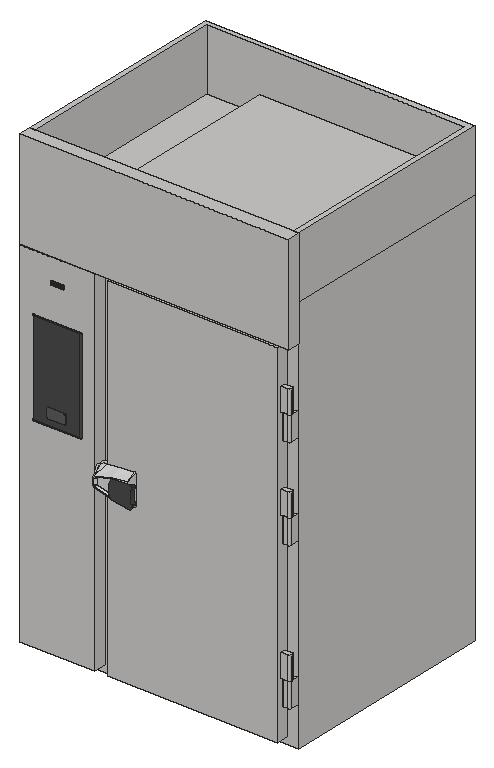
Revit family "QF_ZANUSSI_110555_ZBFA22E", category Specialty Equipment, Revit 2018
Family settings
  Round Connector Dimension = Use Diameter
  Part Type = Normal
  Work Plane-Based = No
  Always vertical = Yes
  Cut with Voids When Loaded = No
  Shared = Yes
  Room Calculation Point = No
Parameters
  Weight = 0.00 kg
  Watts = 905.805 W
  Volts = 380 V
  URL Manufacturer = "http://www.zanussiprofessional.com"
  URL = "http://www.zanussiprofessional.com"
  Steam Supply Size = 0"
  Steam Supply Minimum Pressure = 0.00 psi
  Steam Supply Maximum Pressure = 0.00 psi
  Steam Pounds per Hour = 0
  Show Logo [instance] = yes
  Refrigeration Suction Line Size = 0"
  Refrigeration Liquid Line Size = 0"
  Refrigerant Compressor Remote = yes
  Phase = 3
  Model = "ZBFA22E"
  Manufacturer = "Zanussi"
  Length Actual = 1400 mm  # constant formula
  Item Number = "110555"
  Hot Water Size = 1"
  Height Actual = 2470 mm  # constant formula
  HP = "13.1 HP"
  Gas Size = 0"
  Gas KW = 0
  Gas Input Pressure = 0.0 Btu/h
  Description = "RAPIDO BLAST CHILLER FREEZER 200/170KG 20 GN 2/1"
  Depth Actual = 1206 mm  # constant formula
  Cycle = 50 Hz
  Condensate Return Size = 0"
  Compressed Air Volume = 0 GPM
  Compressed Air Size = 0"
  Compressed Air Pressure = 0.00 psi
  Cold Water Size = 1"
  Assembly Code = ""
  Show Clearance [instance] = yes
  Accessory = yes
Reference planes
  plane 1 "BACK": y = 1
  plane 2: z = 0
  plane 3 "LEFT": x = 0
  plane 4 "RIGHT": x = 1400
  plane 5 "FRONT": y = -1205
  plane 6 "TOP": z = 2400
  plane 7 "Center Y": x = 700
  plane 8: y = -2155
  plane 9: y = -602
Forms (mm)
  Extrusion 1, solid, material "QF_Clearance", visible <- "Show Clearance", detail levels coarse
    sketch origin (0, 0, -70) x (1, 0, 0) y (0, 1, 0)
      loop
        line (0, -1205) -> (0, 1) -> (1400, 1) -> (1400, -1205) -> (1500, -1205) -> (1500, 101) -> (-100, 101) -> (-100, -1205) -> (0, -1205)
    from 70 to 2670
  Extrusion 2, solid, material "QF_Finishes_Stainless Steel"
    sketch origin (349.253, 33, 630.991) x (-1, 0, 0) y (0, -1, 0)
      loop
        line (349.253, 1172.759) -> (349.253, 1238) -> (-39.747, 1238) -> (-39.747, 1172.759) -> (349.253, 1172.759)
    from -597 to 1254
  Extrusion 3, solid, material "QF_Finishes_Stainless Steel"
    sketch origin (596.16, 27.971, -70) x (1, 0, 0) y (0, 1, 0)
      loop
        line (743.84, -1172.971) -> (-141.16, -1172.971) -> (-141.16, -1232.971) -> (743.84, -1232.971) -> (743.84, -1172.971)
    from 103.991 to 1945.25
  Extrusion 4, solid, material "QF_Door-Drawer Clearances", visible <- "Show Clearance", detail levels coarse
    sketch origin (875, -72.029, -91.802) x (-1, 0, 0) y (0, -1, 0)
      loop
        line (-465, 2025.971) -> (-465, 1132.971) -> (420, 1132.971)
        arc (420, 1132.971) -> (153.836, 1754.227) -> (-465, 2025.971) r 920
    from 125.793 to 1967.052
  Extrusion 5, solid, material "QF_Finishes_Stainless Steel"
    sketch origin (0, -1139.759, 0) x (0, 1, 0) y (-1, 0, 0)
      loop
        line (1140.759, 0) -> (0.759, 0) -> (0.759, -1400) -> (1140.759, -1400) -> (1140.759, 0)
    from 0 to 2080
  Extrusion 6, solid, material "QF_Finishes_Stainless Steel"
    sketch origin (0, 0, -70) x (0, 1, 0) y (0, 0, 1)
      loop
        line (-1139, 2470) -> (-1205, 2470) -> (-1205, 1956) -> (-1139, 1956) -> (-1139, 2470)
    from 0 to 1400
  Extrusion 7, solid, material "QF_Finishes_Stainless Steel"
    sketch origin (0, -1139.759, 2080) x (0, 1, 0) y (-1, 0, 0)
      loop
        line (1140.759, 0) -> (0.759, 0) -> (0.759, -27.807) -> (1112.952, -27.807) -> (1112.952, -1372.193) -> (0.759, -1372.193) -> (0.759, -1400) -> (1140.759, -1400) -> (1140.759, 0)
    from 0 to 320
  Extrusion 8, solid, material "QF_Clearance", visible <- "Show Clearance", detail levels coarse
    sketch origin (0, 0, 2400) x (-1, 0, 0) y (0, -1, 0)
      loop
        line (0, 1205) -> (-1400, 1205) -> (-1400, -1) -> (0, -1) -> (0, 1205)
    from 0 to 200
  Extrusion 9, solid, material "QF_Finishes_Stainless Steel"
    sketch origin (-390.239, -0.977, 1172.559) x (1, 0, 0) y (0, 1, 0)
      loop
        line (1730.239, -1159.557) -> (1730.239, -1186.759) -> (1771.078, -1186.759)
        arc (1771.078, -1186.759) -> (1778.149, -1183.83) -> (1781.078, -1176.759) r 10
        line (1781.078, -1176.759) -> (1781.078, -1169.557)
        arc (1781.078, -1169.557) -> (1778.149, -1162.486) -> (1771.078, -1159.557) r 10
        line (1771.078, -1159.557) -> (1730.239, -1159.557)
    from 398 to 516
  Extrusion 10, solid, material "QF_Finishes_Stainless Steel"
    sketch origin (-388.989, -0.977, 1172.559) x (1, 0, 0) y (0, 1, 0)
      loop
        line (1779.828, -1138.023) -> (1738.215, -1138.023) -> (1738.215, -1176.759)
        arc (1738.215, -1176.759) -> (1741.143, -1183.83) -> (1748.215, -1186.759) r 10
        line (1748.215, -1186.759) -> (1769.828, -1186.759)
        arc (1769.828, -1186.759) -> (1776.899, -1183.83) -> (1779.828, -1176.759) r 10
        line (1779.828, -1176.759) -> (1779.828, -1138.023)
    from 269 to 396
  Extrusion 11, solid, material "QF_Finishes_Handrails and Railings"
    sketch origin (0, -1205, -139.705) x (-1, 0, 0) y (0, 0, 1)
      loop
        arc (-455, 1022.346) -> (-433.392, 1027.289) -> (-413, 1035.976) r 124.815
        arc (-413, 1035.976) -> (-402.037, 1046.425) -> (-398, 1061.023) r 28.412
        line (-398, 1061.023) -> (-398, 1124.287)
        arc (-398, 1124.287) -> (-402.037, 1138.885) -> (-413, 1149.334) r 28.412
        arc (-413, 1149.334) -> (-433.392, 1158.021) -> (-455, 1162.964) r 124.815
        line (-455, 1162.964) -> (-455, 1022.346)
    from 0 to 25
  Extrusion 12, solid, material "QF_Finishes_Stainless Steel"
    sketch origin (0, 1, -70) x (1, 0, 0) y (0, 0, 1)
      loop
        circle (50.191, 2279.706) r 10
    from -2 to 0
  Extrusion 13, solid
    sketch origin (0, 0, -70) x (1, 0, 0) y (0, 1, 0)
      loop
        circle (271, -895) r 12.7
    from 180 to 190
  Blend 14, solid, material "QF_Finishes_Handrails and Railings"
    base sketch origin (0, -1205, -139.705) x (1, 0, 0) y (0, 0, 1)
      loop
        arc (455, 1162.964) -> (433.392, 1158.021) -> (413, 1149.334) r 124.815
        arc (413, 1149.334) -> (402.037, 1138.885) -> (398, 1124.287) r 28.412
        line (398, 1124.287) -> (398, 1061.023)
        arc (398, 1061.023) -> (402.037, 1046.425) -> (413, 1035.976) r 28.412
        arc (413, 1035.976) -> (433.392, 1027.289) -> (455, 1022.346) r 124.815
        arc (455, 1022.346) -> (524.77, 1014.896) -> (594.859, 1011.587) r 1185.63
        arc (594.859, 1011.587) -> (600.607, 1013.879) -> (603, 1019.586) r 8
        line (603, 1019.586) -> (603, 1165.724)
        arc (603, 1165.724) -> (600.607, 1171.431) -> (594.859, 1173.723) r 8
        arc (594.859, 1173.723) -> (524.77, 1170.414) -> (455, 1162.964) r 1185.63
    top sketch origin (0, -1205, -139.705) x (1, 0, 0) y (0, 0, 1)
      loop
        line (421, 1108.337) -> (421, 1076.973)
        arc (421, 1076.973) -> (423.295, 1069.915) -> (429.302, 1065.557) r 12
        arc (429.302, 1065.557) -> (515.086, 1044.22) -> (603, 1034.974) r 636.459
        line (603, 1034.974) -> (603, 1150.336)
        arc (603, 1150.336) -> (515.086, 1141.09) -> (429.302, 1119.753) r 636.459
        arc (429.302, 1119.753) -> (423.295, 1115.395) -> (421, 1108.337) r 12
    from 0 to 50
  Blend 15, void
    base sketch origin (0, -1255, -139.705) x (-1, 0, 0) y (0, 0, 1)
      loop
        arc (-430.843, 1114.996) -> (-515.866, 1136.151) -> (-603, 1145.333) r 631.459
        line (-603, 1145.333) -> (-603, 1039.977)
        arc (-603, 1039.977) -> (-515.866, 1049.159) -> (-430.843, 1070.314) r 631.459
        arc (-430.843, 1070.314) -> (-427.339, 1072.856) -> (-426, 1076.973) r 7
        line (-426, 1076.973) -> (-426, 1108.337)
        arc (-426, 1108.337) -> (-427.339, 1112.454) -> (-430.843, 1114.996) r 7
    top sketch origin (0, -1255, -139.705) x (-1, 0, 0) y (0, 0, 1)
      loop
        arc (-432.384, 1110.24) -> (-516.647, 1131.211) -> (-603, 1140.33) r 626.459
        line (-603, 1140.33) -> (-603, 1044.98)
        arc (-603, 1044.98) -> (-516.647, 1054.099) -> (-432.384, 1075.07) r 626.459
        arc (-432.384, 1075.07) -> (-431.382, 1075.797) -> (-431, 1076.973) r 2
        line (-431, 1076.973) -> (-431, 1108.337)
        arc (-431, 1108.337) -> (-431.382, 1109.513) -> (-432.384, 1110.24) r 2
    from 0 to 10
  Blend 16, solid, material "QF_Finishes_Black"
    base sketch origin (0, -1245, -139.705) x (1, 0, 0) y (0, 0, 1)
      loop
        arc (628.567, 1043.419) -> (622.014, 1092.655) -> (628.567, 1141.89) r 188.232
        arc (628.567, 1141.89) -> (627.358, 1147.991) -> (621.77, 1150.721) r 7
        arc (621.77, 1150.721) -> (572.304, 1148.509) -> (523.16, 1142.458) r 636.459
        arc (523.16, 1142.458) -> (507.711, 1092.655) -> (523.16, 1042.852) r 88
        arc (523.16, 1042.852) -> (572.304, 1036.801) -> (621.77, 1034.589) r 636.459
        arc (621.77, 1034.589) -> (627.358, 1037.319) -> (628.567, 1043.419) r 7
    top sketch origin (0, -1245, -139.705) x (1, 0, 0) y (0, 0, 1)
      loop
        arc (626.748, 1050.703) -> (622.014, 1092.655) -> (626.748, 1134.607) r 188.232
        arc (626.748, 1134.607) -> (625.775, 1138.85) -> (621.845, 1140.722) r 5
        arc (621.845, 1140.722) -> (569.023, 1138.185) -> (516.603, 1131.203) r 626.459
        arc (516.603, 1131.203) -> (507.711, 1092.655) -> (516.603, 1054.107) r 88
        arc (516.603, 1054.107) -> (569.023, 1047.124) -> (621.845, 1044.588) r 626.459
        arc (621.845, 1044.588) -> (625.775, 1046.46) -> (626.748, 1050.703) r 5
    from 20 to 0
  Extrusion 17, solid, material "QF_Finishes_Stainless Steel"
    sketch origin (-390.239, -0.977, 692.559) x (1, 0, 0) y (0, 1, 0)
      loop
        line (1730.239, -1159.557) -> (1730.239, -1186.759) -> (1771.078, -1186.759)
        arc (1771.078, -1186.759) -> (1778.149, -1183.83) -> (1781.078, -1176.759) r 10
        line (1781.078, -1176.759) -> (1781.078, -1169.557)
        arc (1781.078, -1169.557) -> (1778.149, -1162.486) -> (1771.078, -1159.557) r 10
        line (1771.078, -1159.557) -> (1730.239, -1159.557)
    from 398 to 516
  Extrusion 18, solid, material "QF_Finishes_Stainless Steel"
    sketch origin (-388.989, -0.977, 692.559) x (1, 0, 0) y (0, 1, 0)
      loop
        line (1779.828, -1138.023) -> (1738.215, -1138.023) -> (1738.215, -1176.759)
        arc (1738.215, -1176.759) -> (1741.143, -1183.83) -> (1748.215, -1186.759) r 10
        line (1748.215, -1186.759) -> (1769.828, -1186.759)
        arc (1769.828, -1186.759) -> (1776.899, -1183.83) -> (1779.828, -1176.759) r 10
        line (1779.828, -1176.759) -> (1779.828, -1138.023)
    from 269 to 396
  Extrusion 19, solid, material "QF_Finishes_Stainless Steel"
    sketch origin (-390.239, -0.977, -67.441) x (1, 0, 0) y (0, 1, 0)
      loop
        line (1730.239, -1159.557) -> (1730.239, -1186.759) -> (1771.078, -1186.759)
        arc (1771.078, -1186.759) -> (1778.149, -1183.83) -> (1781.078, -1176.759) r 10
        line (1781.078, -1176.759) -> (1781.078, -1169.557)
        arc (1781.078, -1169.557) -> (1778.149, -1162.486) -> (1771.078, -1159.557) r 10
        line (1771.078, -1159.557) -> (1730.239, -1159.557)
    from 398 to 516
  Extrusion 20, solid, material "QF_Finishes_Stainless Steel"
    sketch origin (-388.989, -0.977, -67.441) x (1, 0, 0) y (0, 1, 0)
      loop
        line (1779.828, -1138.023) -> (1738.215, -1138.023) -> (1738.215, -1176.759)
        arc (1738.215, -1176.759) -> (1741.143, -1183.83) -> (1748.215, -1186.759) r 10
        line (1748.215, -1186.759) -> (1769.828, -1186.759)
        arc (1769.828, -1186.759) -> (1776.899, -1183.83) -> (1779.828, -1176.759) r 10
        line (1779.828, -1176.759) -> (1779.828, -1138.023)
    from 269 to 396
  Extrusion 21, solid, material "QF_Door-Drawer Clearances", visible <- "Show Clearance", detail levels coarse
    sketch origin (167.029, -1956.84, -70) x (0, 1, 0) y (-1, 0, 0)
      loop
        line (751.84, -1172.971) -> (-141.16, -1172.971) -> (-141.16, -1232.971) -> (751.84, -1232.971) -> (751.84, -1172.971)
    from 103.991 to 1945.25
  Extrusion 22, solid, material "QF_Door-Drawer Clearances", visible <- "Show Clearance", detail levels coarse
    sketch origin (1400, -2553, -139.705) x (0, -1, 0) y (0, 0, 1)
      loop
        arc (-455, 1022.346) -> (-433.392, 1027.289) -> (-413, 1035.976) r 124.815
        arc (-413, 1035.976) -> (-402.037, 1046.425) -> (-398, 1061.023) r 28.412
        line (-398, 1061.023) -> (-398, 1124.287)
        arc (-398, 1124.287) -> (-402.037, 1138.885) -> (-413, 1149.334) r 28.412
        arc (-413, 1149.334) -> (-433.392, 1158.021) -> (-455, 1162.964) r 124.815
        line (-455, 1162.964) -> (-455, 1022.346)
    from 0 to 25
  Blend 23, solid, material "QF_Door-Drawer Clearances", visible <- "Show Clearance", detail levels coarse
    base sketch origin (1400, -2553, -139.705) x (0, 1, 0) y (0, 0, 1)
      loop
        arc (455, 1162.964) -> (433.392, 1158.021) -> (413, 1149.334) r 124.815
        arc (413, 1149.334) -> (402.037, 1138.885) -> (398, 1124.287) r 28.412
        line (398, 1124.287) -> (398, 1061.023)
        arc (398, 1061.023) -> (402.037, 1046.425) -> (413, 1035.976) r 28.412
        arc (413, 1035.976) -> (433.392, 1027.289) -> (455, 1022.346) r 124.815
        arc (455, 1022.346) -> (524.77, 1014.896) -> (594.859, 1011.587) r 1185.63
        arc (594.859, 1011.587) -> (600.607, 1013.879) -> (603, 1019.586) r 8
        line (603, 1019.586) -> (603, 1165.724)
        arc (603, 1165.724) -> (600.607, 1171.431) -> (594.859, 1173.723) r 8
        arc (594.859, 1173.723) -> (524.77, 1170.414) -> (455, 1162.964) r 1185.63
    top sketch origin (1400, -2553, -139.705) x (0, 1, 0) y (0, 0, 1)
      loop
        line (421, 1108.337) -> (421, 1076.973)
        arc (421, 1076.973) -> (423.295, 1069.915) -> (429.302, 1065.557) r 12
        arc (429.302, 1065.557) -> (515.086, 1044.22) -> (603, 1034.974) r 636.459
        line (603, 1034.974) -> (603, 1150.336)
        arc (603, 1150.336) -> (515.086, 1141.09) -> (429.302, 1119.753) r 636.459
        arc (429.302, 1119.753) -> (423.295, 1115.395) -> (421, 1108.337) r 12
    from 0 to 50
  Blend 24, void
    base sketch origin (1450, -2553, -139.705) x (0, -1, 0) y (0, 0, 1)
      loop
        arc (-430.843, 1114.996) -> (-515.866, 1136.151) -> (-603, 1145.333) r 631.459
        line (-603, 1145.333) -> (-603, 1039.977)
        arc (-603, 1039.977) -> (-515.866, 1049.159) -> (-430.843, 1070.314) r 631.459
        arc (-430.843, 1070.314) -> (-427.339, 1072.856) -> (-426, 1076.973) r 7
        line (-426, 1076.973) -> (-426, 1108.337)
        arc (-426, 1108.337) -> (-427.339, 1112.454) -> (-430.843, 1114.996) r 7
    top sketch origin (1450, -2553, -139.705) x (0, -1, 0) y (0, 0, 1)
      loop
        arc (-432.384, 1110.24) -> (-516.647, 1131.211) -> (-603, 1140.33) r 626.459
        line (-603, 1140.33) -> (-603, 1044.98)
        arc (-603, 1044.98) -> (-516.647, 1054.099) -> (-432.384, 1075.07) r 626.459
        arc (-432.384, 1075.07) -> (-431.382, 1075.797) -> (-431, 1076.973) r 2
        line (-431, 1076.973) -> (-431, 1108.337)
        arc (-431, 1108.337) -> (-431.382, 1109.513) -> (-432.384, 1110.24) r 2
    from 0 to 10
  Blend 25, solid, material "QF_Door-Drawer Clearances", visible <- "Show Clearance", detail levels coarse
    base sketch origin (1440, -2553, -139.705) x (0, 1, 0) y (0, 0, 1)
      loop
        arc (628.567, 1043.419) -> (622.014, 1092.655) -> (628.567, 1141.89) r 188.232
        arc (628.567, 1141.89) -> (627.358, 1147.991) -> (621.77, 1150.721) r 7
        arc (621.77, 1150.721) -> (572.304, 1148.509) -> (523.16, 1142.458) r 636.459
        arc (523.16, 1142.458) -> (507.711, 1092.655) -> (523.16, 1042.852) r 88
        arc (523.16, 1042.852) -> (572.304, 1036.801) -> (621.77, 1034.589) r 636.459
        arc (621.77, 1034.589) -> (627.358, 1037.319) -> (628.567, 1043.419) r 7
    top sketch origin (1440, -2553, -139.705) x (0, 1, 0) y (0, 0, 1)
      loop
        arc (626.748, 1050.703) -> (622.014, 1092.655) -> (626.748, 1134.607) r 188.232
        arc (626.748, 1134.607) -> (625.775, 1138.85) -> (621.845, 1140.722) r 5
        arc (621.845, 1140.722) -> (569.023, 1138.185) -> (516.603, 1131.203) r 626.459
        arc (516.603, 1131.203) -> (507.711, 1092.655) -> (516.603, 1054.107) r 88
        arc (516.603, 1054.107) -> (569.023, 1047.124) -> (621.845, 1044.588) r 626.459
        arc (621.845, 1044.588) -> (625.775, 1046.46) -> (626.748, 1050.703) r 5
    from 20 to -1
  Extrusion 26, solid, material "QF_Finishes_Stainless Steel"
    sketch origin (0, -1139.759, 2080) x (0, 1, 0) y (-1, 0, 0)
      loop
        line (1028.497, -361.186) -> (882.552, -361.186) -> (882.552, -544.235) -> (1028.497, -544.235) -> (1028.497, -361.186)
    from 0 to 50
  Extrusion 27, solid, material "QF_Finishes_Stainless Steel"
    sketch origin (0, -1139.759, 2080) x (0, 1, 0) y (-1, 0, 0)
      loop
        line (1099.749, -314.157) -> (154.819, -314.157) -> (154.819, -1281.35) -> (1099.749, -1281.35) -> (1099.749, -314.157)
    from 0 to 100
  Extrusion 28, solid, material "QF_Finishes_Stainless Steel"
    sketch origin (544.235, -111.262, 2080) x (0, -1, 0) y (0, 0, -1)
      loop
        circle (122.974, -25) r 12.5
      loop
        circle (23.998, -25) r 12.5
    from 0 to 30
Cuts and joins
  Blend 15 cuts Blend 14
  joined: Extrusion 11, Blend 14
  Blend 15 cuts Extrusion 4
  Blend 24 cuts Blend 23
  Blend 24 cuts Blend 25
  joined: Extrusion 4, Extrusion 21, Extrusion 22, Blend 23, Blend 25
  joined: Extrusion 7, Extrusion 12
  joined: Extrusion 5, Extrusion 10, Extrusion 18, Extrusion 20, Extrusion 27
  joined: Extrusion 3, Extrusion 9, Extrusion 17, Extrusion 19
  joined: Extrusion 1, Extrusion 8
  joined: Extrusion 26, Extrusion 28
Lines and regions (mm)
  symbolic lines, style "QF-Clearances", visible <- "Show Clearance", detail levels coarse
    curve 1: line (-100, -1204.241, 70) -> (-100, 101, 70)
    curve 2: line (-100, 101, 70) -> (1500, 101, 70)
    curve 3: line (1500, 101, 70) -> (1500, -1204.241, 70)
  symbolic lines
    curve 4: line (0, 1, 70) -> (1400, 1, 70)
    curve 5: line (0, -1205, 70) -> (0, 1, 70)
    curve 6: line (1400, -1205, 70) -> (0, -1205, 70)
    curve 7: line (1400, 1, 70) -> (1400, -1205, 70)
    curve 8: line (27.807, -26.807, 70) -> (1372.193, -26.807, 70)
    curve 9: line (27.807, -1139, 70) -> (27.807, -26.807, 70)
    curve 10: line (1400, -1139, 70) -> (0, -1139, 70)
    curve 11: line (1372.193, -26.807, 70) -> (1372.193, -1139, 70)
    curve 12: line (75.5, -1210, 70) -> (313.5, -1210, 70)
    curve 13: line (75.5, -1210, 70) -> (67.5, -1205, 70)
    curve 14: line (313.5, -1210, 70) -> (321.5, -1205, 70)
    curve 15: line (421, -1255, 70) -> (398, -1205, 70)
    curve 16: line (421, -1255, 70) -> (603, -1255, 70)
    curve 17: line (603, -1255, 70) -> (603, -1205, 70)
    curve 18: line (603, -1245, 70) -> (626.748, -1245, 70)
    curve 19: line (626.748, -1245, 70) -> (628.811, -1265, 70)
    curve 20: line (628.811, -1265, 70) -> (507.711, -1265, 70)
    curve 21: line (507.711, -1265, 70) -> (507.711, -1255, 70)
    curve 35: line (314.157, -40.01, 70) -> (1281.35, -40.01, 70)
    curve 36: line (314.157, -984.941, 70) -> (314.157, -40.01, 70)
    curve 37: line (1281.35, -984.941, 70) -> (314.157, -984.941, 70)
    curve 38: line (1281.35, -40.01, 70) -> (1281.35, -984.941, 70)
  symbolic lines, style "QF_Door-Drawer Clearances", visible <- "Show Clearance"
    curve 22: line (1450, -2132, 70) -> (1400, -2155, 70)
    curve 23: line (1450, -2132, 70) -> (1450, -1950, 70)
    curve 24: line (1450, -1950, 70) -> (1400, -1950, 70)
    curve 25: line (1439, -1950, 70) -> (1439, -1926.126, 70)
    curve 26: line (1439, -1926.126, 70) -> (1460, -1924.189, 70)
    curve 27: line (1460, -1924.189, 70) -> (1460, -2045.289, 70)
    curve 28: line (1460, -2045.289, 70) -> (1450, -2045.289, 70)
    curve 29: line (1375, -2098, 70) -> (1375, -2155, 70)
    curve 30: line (1340, -2098, 70) -> (1400, -2098, 70)
    curve 31: arc (457.796, -1255, 70) -> (739.031, -1843.801, 70) -> (1340, -2098, 70) r 920
    curve 32: line (1400, -2155, 70) -> (1375, -2155, 70)
    curve 33: line (1400, -2098, 70) -> (1400, -1205, 70)
    curve 34: line (1340, -2098, 70) -> (1340, -1205, 70)
  symbolic lines, style "SpecialityEquipmentHiddenLines"
    curve 39: line (361.186, -111.262, 70) -> (544.235, -111.262, 70)
    curve 40: line (361.186, -257.207, 70) -> (361.186, -111.262, 70)
    curve 41: line (544.235, -257.207, 70) -> (361.186, -257.207, 70)
    curve 42: line (544.235, -111.262, 70) -> (544.235, -257.207, 70)
    curve 43: line (574.235, -147.761, 70) -> (574.235, -122.761, 70)
    curve 44: line (574.235, -122.761, 70) -> (544.235, -122.761, 70)
    curve 45: line (574.235, -147.761, 70) -> (544.235, -147.761, 70)
    curve 46: line (574.235, -246.737, 70) -> (544.235, -246.737, 70)
    curve 47: line (574.235, -221.737, 70) -> (544.235, -221.737, 70)
    curve 48: line (574.235, -221.737, 70) -> (574.235, -246.737, 70)
Dimensions and locks
  plane 5 "FRONT" to plane 1 "BACK" = 1206 mm
  plane 6 "TOP" to level = 2400 mm
  plane 4 "RIGHT" to plane 3 "LEFT" = 1400 mm
  plane 3 "LEFT" to plane 4 "RIGHT" = 1400 mm
  equal spacing: plane 3 "LEFT", plane 7 "Center Y", plane 4 "RIGHT"
  equal spacing: plane 1 "BACK", plane 9, plane 5 "FRONT"
  aligned and locked: level to plane 2
Automatic sketch dimensions
  plane 5 "FRONT" to Extrusion 1 sketch curve = 0 mm  (x2)
  Extrusion 1 sketch curve to plane 3 "LEFT" = 0 mm
  plane 1 "BACK" to Extrusion 1 sketch curve = 0 mm
  Extrusion 1 sketch curve to plane 4 "RIGHT" = 0 mm
  Extrusion 1 sketch curve to plane 3 "LEFT" = 100 mm
  plane 4 "RIGHT" to Extrusion 1 sketch curve = 100 mm
  Extrusion 1 sketch curve to plane 1 "BACK" = 100 mm
  plane 5 "FRONT" to Extrusion 2 sketch curve = 0 mm
  Extrusion 2 sketch curve to plane 3 "LEFT" = 0 mm
  Extrusion 2 sketch curve to plane 5 "FRONT" = 65.241 mm
  plane 5 "FRONT" to Extrusion 3 sketch curve = 0 mm
  Extrusion 3 sketch curve to plane 5 "FRONT" = 60 mm
  Extrusion 3 sketch curve to plane 4 "RIGHT" = 60 mm
  plane 5 "FRONT" to Extrusion 4 sketch curve = 0 mm
  Extrusion 4 sketch curve to plane 4 "RIGHT" = 25.377 mm
  Extrusion 4 sketch curve to Extrusion 4 sketch curve = 34.623 mm
  Extrusion 4 sketch curve to plane 5 "FRONT" = 26.348 mm
  Extrusion 5 sketch curve to plane 3 "LEFT" = 0 mm
  Extrusion 5 sketch curve to plane 4 "RIGHT" = 0 mm
  plane 1 "BACK" to Extrusion 5 sketch curve = 0 mm
  Extrusion 5 sketch curve to plane 5 "FRONT" = 66 mm
  Extrusion 6 sketch curve to plane 5 "FRONT" = 0 mm
  Extrusion 6 sketch curve to plane 5 "FRONT" = 66 mm
  Extrusion 6 sketch curve to plane 6 "TOP" = 514 mm
  plane 6 "TOP" to Extrusion 6 sketch curve = 0 mm
  Extrusion 5 to Extrusion 7 sketch curve = 0 mm
  Extrusion 7 sketch curve to Extrusion 5 = 0 mm  (x4)
  Extrusion 7 sketch curve to Extrusion 5 = 27.807 mm  (x3)
  Extrusion 8 sketch curve to plane 4 "RIGHT" = 0 mm
  plane 1 "BACK" to Extrusion 8 sketch curve = 0 mm
  Extrusion 8 sketch curve to plane 3 "LEFT" = 0 mm
  plane 5 "FRONT" to Extrusion 8 sketch curve = 0 mm
  Extrusion 9 sketch curve to plane 5 "FRONT" = 17.264 mm
  Extrusion 9 sketch curve to plane 4 "RIGHT" = 60 mm
  Extrusion 9 sketch curve to plane 4 "RIGHT" = 19.161 mm
  Extrusion 9 sketch curve to Extrusion 9 sketch curve = 0 mm
  Extrusion 9 sketch curve to plane 4 "RIGHT" = 9.161 mm
  Extrusion 9 sketch curve to Extrusion 9 sketch curve = 7.202 mm
  Extrusion 10 sketch curve to plane 5 "FRONT" = 27.264 mm
  Extrusion 10 sketch curve to plane 4 "RIGHT" = 50.775 mm
  Extrusion 10 sketch curve to Extrusion 10 sketch curve = 10 mm
  Extrusion 10 sketch curve to plane 4 "RIGHT" = 19.161 mm
  Extrusion 10 sketch curve to plane 4 "RIGHT" = 9.161 mm
  Extrusion 10 sketch curve to Extrusion 10 sketch curve = 38.736 mm
  plane 7 "Center Y" to Extrusion 11 sketch curve = 228.081 mm
  Extrusion 11 sketch curve to Extrusion 11 sketch curve = 0 mm
  Extrusion 11 sketch curve to Extrusion 11 sketch curve = 16.919 mm
  Extrusion 11 sketch curve to Extrusion 11 sketch curve = 28.588 mm  (x2)
  Extrusion 11 sketch curve to Extrusion 11 sketch curve = 28.412 mm
  level to Extrusion 11 sketch curve = 882.641 mm
  Extrusion 11 sketch curve to Extrusion 11 sketch curve = 16.954 mm  (x2)
  Extrusion 11 sketch curve to Extrusion 11 sketch curve = 38.676 mm
  Extrusion 11 sketch curve to Extrusion 11 sketch curve = 63.265 mm
  Extrusion 11 sketch curve to Extrusion 11 sketch curve = 21.722 mm
  plane 3 "LEFT" to Extrusion 12 sketch curve = 50.191 mm
  Extrusion 12 sketch curve to plane 6 "TOP" = 190.294 mm
  Extrusion 13 sketch curve to plane 9 = 293 mm
  Blend 14 sketch curve to Extrusion 11 = 0 mm  (x4)
  Blend 14 sketch curve to Extrusion 11 = 28.412 mm
  Blend 14 sketch curve to Blend 14 sketch curve = 123.081 mm  (x2)
  Blend 14 sketch curve to Blend 14 sketch curve = 8 mm
  Extrusion 11 to Blend 14 sketch curve = 160.712 mm  (x2)
  Blend 14 sketch curve to Blend 14 sketch curve = 19.715 mm  (x2)
  Blend 14 sketch curve to Blend 14 sketch curve = 38.676 mm
  Blend 14 sketch curve to Extrusion 11 = 23 mm
  Blend 14 sketch curve to Blend 14 sketch curve = 12 mm  (x2)
  Extrusion 11 to Blend 14 sketch curve = 148 mm
  Extrusion 11 to Blend 14 sketch curve = 170.45 mm  (x2)
  Blend 14 sketch curve to Blend 14 sketch curve = 520.701 mm  (x2)
  Blend 14 sketch curve to Blend 14 sketch curve = 41.999 mm
  Blend 14 sketch curve to Blend 14 sketch curve = 31.364 mm
  Blend 14 sketch curve to Blend 14 sketch curve = 115.362 mm
  Blend 14 to Blend 15 sketch curve = 0 mm  (x2)
  Blend 15 sketch curve to Blend 15 sketch curve = 7 mm
  Blend 15 sketch curve to Blend 15 sketch curve = 31.364 mm  (x2)
  Blend 15 sketch curve to Blend 15 sketch curve = 2 mm
  Blend 15 to Blend 16 sketch curve = 18.811 mm  (x2)
  Blend 16 sketch curve to Blend 15 = 7.289 mm  (x2)
  Blend 16 sketch curve to Blend 16 sketch curve = 188.435 mm
  Blend 16 sketch curve to Blend 16 sketch curve = 7 mm  (x2)
  Blend 16 sketch curve to Blend 16 sketch curve = 51.066 mm  (x2)
  Blend 16 sketch curve to Blend 16 sketch curve = 0 mm  (x6)
  Blend 16 sketch curve to Blend 15 = 79.84 mm
  Blend 15 to Blend 16 sketch curve = 18.874 mm  (x2)
  Blend 16 sketch curve to Blend 16 sketch curve = 188.371 mm
  Blend 16 sketch curve to Blend 16 sketch curve = 5 mm  (x2)
  Blend 16 sketch curve to Blend 16 sketch curve = 43.067 mm  (x2)
  Blend 16 sketch curve to Blend 15 = 85.603 mm
  Extrusion 17 sketch curve to plane 5 "FRONT" = 17.264 mm
  Extrusion 17 sketch curve to plane 4 "RIGHT" = 60 mm
  Extrusion 17 sketch curve to plane 4 "RIGHT" = 19.161 mm
  Extrusion 17 sketch curve to Extrusion 17 sketch curve = 0 mm
  Extrusion 17 sketch curve to plane 4 "RIGHT" = 9.161 mm
  Extrusion 17 sketch curve to Extrusion 17 sketch curve = 7.202 mm
  Extrusion 18 sketch curve to plane 5 "FRONT" = 27.264 mm
  Extrusion 18 sketch curve to plane 4 "RIGHT" = 50.775 mm
  Extrusion 18 sketch curve to Extrusion 18 sketch curve = 10 mm
  Extrusion 18 sketch curve to plane 4 "RIGHT" = 19.161 mm
  Extrusion 18 sketch curve to plane 4 "RIGHT" = 9.161 mm
  Extrusion 18 sketch curve to Extrusion 18 sketch curve = 38.736 mm
  Extrusion 19 sketch curve to plane 5 "FRONT" = 17.264 mm
  Extrusion 19 sketch curve to plane 4 "RIGHT" = 60 mm
  Extrusion 19 sketch curve to plane 4 "RIGHT" = 19.161 mm
  Extrusion 19 sketch curve to Extrusion 19 sketch curve = 0 mm
  Extrusion 19 sketch curve to plane 4 "RIGHT" = 9.161 mm
  Extrusion 19 sketch curve to Extrusion 19 sketch curve = 7.202 mm
  Extrusion 20 sketch curve to plane 5 "FRONT" = 27.264 mm
  Extrusion 20 sketch curve to plane 4 "RIGHT" = 50.775 mm
  Extrusion 20 sketch curve to Extrusion 20 sketch curve = 10 mm
  Extrusion 20 sketch curve to plane 4 "RIGHT" = 19.161 mm
  Extrusion 20 sketch curve to plane 4 "RIGHT" = 9.161 mm
  Extrusion 20 sketch curve to Extrusion 20 sketch curve = 38.736 mm
  Extrusion 21 sketch curve to plane 4 "RIGHT" = 0 mm
  plane 5 "FRONT" to Extrusion 21 sketch curve = 0 mm
  Extrusion 21 sketch curve to plane 8 = 57 mm
  Extrusion 21 sketch curve to plane 4 "RIGHT" = 60 mm
  Extrusion 22 sketch curve to plane 8 = 0 mm
  Extrusion 22 sketch curve to Extrusion 22 sketch curve = 28.412 mm  (x2)
  Extrusion 22 sketch curve to Extrusion 22 sketch curve = 28.588 mm
  Extrusion 22 sketch curve to Extrusion 22 sketch curve = 16.919 mm  (x2)
  level to Extrusion 22 sketch curve = 882.641 mm
  Extrusion 22 sketch curve to Extrusion 22 sketch curve = 16.954 mm  (x2)
  Extrusion 22 sketch curve to Extrusion 22 sketch curve = 38.676 mm
  Extrusion 22 sketch curve to Extrusion 22 sketch curve = 63.265 mm
  Extrusion 22 sketch curve to Extrusion 22 sketch curve = 21.722 mm
  Blend 23 sketch curve to Extrusion 22 = 0 mm  (x4)
  Blend 23 sketch curve to Extrusion 22 = 28.412 mm
  Blend 23 sketch curve to Blend 23 sketch curve = 123.081 mm  (x2)
  Blend 23 sketch curve to Blend 23 sketch curve = 8 mm
  Extrusion 22 to Blend 23 sketch curve = 160.712 mm  (x2)
  Blend 23 sketch curve to Blend 23 sketch curve = 19.715 mm  (x2)
  Blend 23 sketch curve to Blend 23 sketch curve = 38.676 mm
  Blend 23 sketch curve to Extrusion 22 = 23 mm
  Blend 23 sketch curve to Blend 23 sketch curve = 12 mm  (x2)
  Extrusion 22 to Blend 23 sketch curve = 148 mm
  Extrusion 22 to Blend 23 sketch curve = 170.45 mm  (x2)
  Blend 23 sketch curve to Blend 23 sketch curve = 520.701 mm  (x2)
  Blend 23 sketch curve to Blend 23 sketch curve = 41.999 mm
  Blend 23 sketch curve to Blend 23 sketch curve = 31.364 mm
  Blend 23 sketch curve to Blend 23 sketch curve = 115.362 mm
  Blend 24 sketch curve to Blend 23 = 0 mm  (x2)
  Blend 24 sketch curve to Blend 24 sketch curve = 7 mm
  Blend 24 sketch curve to Blend 24 sketch curve = 31.364 mm  (x2)
  Blend 24 sketch curve to Blend 24 sketch curve = 2 mm
  Blend 24 to Blend 25 sketch curve = 18.811 mm  (x2)
  Blend 25 sketch curve to Blend 24 = 7.289 mm  (x2)
  Blend 25 sketch curve to Blend 25 sketch curve = 188.435 mm
  Blend 25 sketch curve to Blend 25 sketch curve = 7 mm  (x2)
  Blend 25 sketch curve to Blend 25 sketch curve = 51.066 mm  (x2)
  Blend 25 sketch curve to Blend 25 sketch curve = 0 mm  (x6)
  Blend 25 sketch curve to Blend 24 = 79.84 mm
  Blend 24 to Blend 25 sketch curve = 18.874 mm  (x2)
  Blend 25 sketch curve to Blend 25 sketch curve = 188.371 mm
  Blend 25 sketch curve to Blend 25 sketch curve = 5 mm  (x2)
  Blend 25 sketch curve to Blend 25 sketch curve = 43.067 mm  (x2)
  Blend 25 sketch curve to Blend 24 = 85.603 mm
  plane 7 "Center Y" to Extrusion 2 sketch curve = 311 mm
  plane 7 "Center Y" to Extrusion 3 sketch curve = 245 mm
  plane 7 "Center Y" to Extrusion 4 sketch curve = 245 mm
  plane 3 "LEFT" to Extrusion 13 sketch curve = 271 mm
  Extrusion 27 sketch curve to Extrusion 5 = 154.059 mm
  Extrusion 27 sketch curve to Extrusion 5 = 41.01 mm
  Extrusion 27 sketch curve to Extrusion 5 = 118.65 mm
  Extrusion 27 sketch curve to Extrusion 5 = 314.157 mm
  Extrusion 26 sketch curve to Extrusion 5 = 258.207 mm
  Extrusion 26 sketch curve to Extrusion 5 = 112.262 mm
  Extrusion 26 sketch curve to Extrusion 5 = 544.235 mm
  Extrusion 26 sketch curve to Extrusion 26 sketch curve = 183.049 mm
  Extrusion 28 sketch curve to Extrusion 26 = 23.998 mm
  Extrusion 28 sketch curve to Extrusion 26 = 22.971 mm
  Extrusion 26 to Extrusion 28 sketch curve = 25 mm  (x2)
  plane 8 to curve 29 = 0 mm
  curve 33 to plane 4 "RIGHT" = 0 mm
  plane 5 "FRONT" to curve 15 = 0 mm
  curve 10 to plane 3 "LEFT" = 0 mm
  plane 1 "BACK" to curve 7 = 0 mm
  curve 22 to plane 4 "RIGHT" = 0 mm
  curve 22 to plane 8 = 23 mm
  curve 22 to curve 33 = 57 mm
  curve 30 to curve 28 = 52.711 mm
  curve 28 to curve 24 = 95.289 mm
  plane 4 "RIGHT" to curve 26 = 39 mm
  curve 25 to curve 26 = 23.874 mm
  curve 25 to curve 27 = 1.937 mm
  plane 5 "FRONT" to curve 19 = 60 mm
  plane 5 "FRONT" to curve 15 = 50 mm
  curve 19 to curve 18 = 20 mm
  plane 5 "FRONT" to curve 12 = 5 mm
  curve 31 to plane 5 "FRONT" = 26.348 mm
  curve 31 to curve 37 = 193.711 mm
  plane 1 "BACK" to curve 41 = 258.207 mm
  curve 41 to curve 43 = 109.446 mm
  curve 43 to curve 43 = 25 mm
  plane 1 "BACK" to curve 39 = 112.262 mm
  plane 1 "BACK" to curve 36 = 41.01 mm
  plane 1 "BACK" to curve 8 = 27.807 mm
  curve 2 to plane 1 "BACK" = 100 mm
  curve 24 to curve 25 = 11 mm
  curve 26 to curve 25 = 21 mm
  plane 4 "RIGHT" to curve 2 = 100 mm
  curve 22 to curve 29 = 25 mm
  curve 31 to plane 4 "RIGHT" = 25.377 mm
  curve 8 to plane 4 "RIGHT" = 27.807 mm
  curve 29 to curve 30 = 35 mm
  curve 38 to plane 4 "RIGHT" = 118.65 mm
  plane 7 "Center Y" to curve 19 = 71.189 mm
  curve 19 to curve 18 = 2.062 mm
  curve 18 to curve 17 = 23.748 mm
  plane 7 "Center Y" to curve 43 = 125.765 mm
  curve 43 to curve 41 = 30 mm
  curve 21 to curve 31 = 49.915 mm
  curve 31 to curve 16 = 36.796 mm
  curve 41 to curve 40 = 183.049 mm
  curve 15 to curve 37 = 106.843 mm
  curve 15 to curve 14 = 107.5 mm
  plane 3 "LEFT" to curve 12 = 75.5 mm
  plane 3 "LEFT" to curve 8 = 27.807 mm
  curve 1 to plane 3 "LEFT" = 100 mm
  curve 3 to plane 5 "FRONT" = 0.759 mm
  curve 1 to plane 5 "FRONT" = 0.759 mm
  curve 9 to plane 5 "FRONT" = 66 mm
  curve 41 to curve 46 = 10.471 mm
  curve 46 to curve 48 = 25 mm
  curve 46 to curve 46 = 30 mm
  curve 15 to curve 15 = 23 mm
  curve 14 to curve 12 = 8 mm
  curve 12 to curve 13 = 8 mm
  radius of Extrusion 12 sketch curve = 10 mm
  radius of Extrusion 13 sketch curve = 12.7 mm
  radius of Blend 14 sketch curve to Extrusion 11 = 0 mm  (x3)
  radius of Blend 15 sketch curve to Blend 14 = 5 mm  (x3)
  radius of Blend 15 sketch curve to Blend 14 = 10 mm  (x3)
  radius of Blend 15 to Blend 16 sketch curve = 10 mm  (x2)
  radius of Blend 16 sketch curve to Blend 15 = 0 mm  (x2)
  radius of Blend 23 sketch curve to Extrusion 22 = 0 mm  (x3)
  radius of Blend 24 sketch curve to Blend 23 = 5 mm  (x3)
  radius of Blend 24 sketch curve to Blend 23 = 10 mm  (x3)
  radius of Blend 24 to Blend 25 sketch curve = 10 mm  (x2)
  radius of Blend 25 sketch curve to Blend 24 = 0 mm  (x2)
  radius of Extrusion 28 sketch curve = 12.5 mm  (x2)
Nested families
  nested 1: "ZAN_Touch" at (194.5, -1205, 1338.103) x (1, 0, 0) z (0, -1, 0), type "ZAN_Touch"
  nested 2: "ZAN_Logo_XS" at (194.5, -1205, 1764.991) x (1, 0, 0) z (0, -1, 0), visible <- "Show Logo", type "ZAN_Logo_XS"
Connectors
  piping at (271, -895, 110), diameter 25.4
    settings: on Extrusion 13, index 5, connector inside diameter 24", connector length 0 mm, flow factor 0, pipe flow 0 GPM, pressure drop 0.00 psi, fitting loss kfactor 0, connector angle 0.00°, fixture units 0, engagement length 0 mm, angle of deflection 0.00°, flow configuration 1, flow direction 2, fitting loss method 0, system type 16, joint type 0, gender type 0, connector reference index -1, connector utility 0, adjustable connector no, is connector primary yes, connector description "Drain"
  electrical at (50.191, 3, 2209.706), driven by "Volts"
    settings: on Extrusion 12, index 6, voltage 380 V, apparent load 0 VA, apparent load phase1 0 VA, apparent load phase2 0 VA, apparent load phase3 0 VA, power factor 1, load classification "Altro", number of poles 1, system type 30, power factor state 1, is connector primary yes, connector utility no, sub classification motor no, connector description "Electrical Connection"
  piping at (574.235, -234.237, 2105), diameter 25
    settings: on cut or joined group of Extrusion 26, Extrusion 28, index 7, connector inside diameter 24", connector length 0 mm, flow factor 0, pipe flow 0 GPM, pressure drop 0.00 psi, fitting loss kfactor 0, connector angle 0.00°, fixture units 0, engagement length 0 mm, angle of deflection 0.00°, flow configuration 1, flow direction 1, fitting loss method 0, system type 7, joint type 0, gender type 0, connector reference index -1, connector utility 0, adjustable connector no, is connector primary no, connector description "Water Inlet Cooling"
  piping at (574.235, -135.261, 2105), diameter 25
    settings: on cut or joined group of Extrusion 26, Extrusion 28, index 8, connector inside diameter 24", connector length 0 mm, flow factor 0, pipe flow 0 GPM, pressure drop 0.00 psi, fitting loss kfactor 0, connector angle 0.00°, fixture units 0, engagement length 0 mm, angle of deflection 0.00°, flow configuration 1, flow direction 1, fitting loss method 0, system type 8, joint type 0, gender type 0, connector reference index -1, connector utility 0, adjustable connector no, is connector primary no, connector description "Water Outlet Cooling"
Definition of nested family "ZAN_Touch"
  Parameters
    Default Elevation = 1219.2 mm
  Reference planes
    plane 1 "Centro (Fronte/Retro)": y = 0
    plane 2: z = 0
    plane 3 "Centro (Sinistra/Destra)": x = 0
  Forms (mm)
    Extrusion 1, solid
      sketch origin (0, 0, 0) x (1, 0, 0) y (0, 1, 0)
        loop
          line (-1219.2, 1219.2) -> (-1219.2, -1219.2) -> (1219.2, -1219.2) -> (1219.2, 1219.2) -> (-1219.2, 1219.2)
      from 0 to -304.8
    Extrusion 2, solid
      sketch origin (0, 0, 5) x (1, 0, 0) y (0, 1, 0)
        loop
          line (-47, -160) -> (-47, -202)
          arc (-47, -202) -> (-45.536, -205.535) -> (-42, -207) r 5
          line (-42, -207) -> (42, -207)
          arc (42, -207) -> (45.536, -205.535) -> (47, -202) r 5
          line (47, -202) -> (47, -160)
          arc (47, -160) -> (45.536, -156.465) -> (42, -155) r 5
          line (42, -155) -> (-42, -155)
          arc (-42, -155) -> (-45.536, -156.465) -> (-47, -160) r 5
      from 0 to 2
    Blend 3, solid
      base sketch origin (0, 0, 0) x (1, 0, 0) y (0, 1, 0)
        loop
          line (-127, 244) -> (-127, -244)
          arc (-127, -244) -> (-125.536, -247.536) -> (-122, -249) r 5
          line (-122, -249) -> (122, -249)
          arc (122, -249) -> (125.536, -247.536) -> (127, -244) r 5
          line (127, -244) -> (127, 244)
          arc (127, 244) -> (125.536, 247.536) -> (122, 249) r 5
          line (122, 249) -> (-122, 249)
          arc (-122, 249) -> (-125.536, 247.536) -> (-127, 244) r 5
      top sketch origin (0, 0, 0) x (1, 0, 0) y (0, 1, 0)
        loop
          line (-119, -241) -> (119, -241) -> (119, 241) -> (-119, 241) -> (-119, -241)
      from 0 to 5
  Lines and regions (mm)
    Split face 1
      outline origin (0, 0, 5) x (1, 0, 0) y (0, 1, 0)
        loop
          line (-70.506, 46.167) -> (70.506, 46.167) -> (70.506, 214.829) -> (-70.506, 214.829) -> (-70.506, 46.167)
    Split face 2
      outline origin (0, 0, 5) x (1, 0, 0) y (0, 1, 0)
        loop
          line (-47.467, 50.825) -> (47.467, 50.825) -> (47.467, 210.171) -> (-47.467, 210.171) -> (-47.467, 50.825)
    Split face 3
      outline origin (0, 0, 5) x (1, 0, 0) y (0, 1, 0)
        loop
          line (116.89, 241) -> (114.093, 80.78)
          arc (114.093, 80.78) -> (111.629, 50.696) -> (105.329, 21.176) r 235
          arc (105.329, 21.176) -> (102.404, 0) -> (105.329, -21.176) r 78.117
          arc (105.329, -21.176) -> (111.629, -50.696) -> (114.093, -80.78) r 235
          line (114.093, -80.78) -> (116.89, -241)
  Dimensions and locks
    aligned and locked: plane 2 to Extrusion 1
    aligned and locked: level to Extrusion 1
Definition of nested family "ZAN_Logo_XS"
  Parameters
    Default Elevation = 0 mm
    M [instance] = none
  Reference planes
    plane 1 "Centro (Fronte/Retro)": y = 0
    plane 2: z = 0
    plane 3 "Centro (Sinistra/Destra)": x = 0
  Forms (mm)
    Extrusion 1, solid
      sketch origin (0, 0, 0) x (1, 0, 0) y (0, 1, 0)
        loop
          line (-1219.2, 1219.2) -> (-1219.2, -1219.2) -> (1219.2, -1219.2) -> (1219.2, 1219.2) -> (-1219.2, 1219.2)
      from 0 to -304.8
    Extrusion 2, solid, material <- "M"
      sketch origin (17.793, -46.218, 0) x (-1, 0, 0) y (0, -1, 0)
        loop
          spline (1.911, -54.793) -> (2.402, -54.973) -> (2.91, -55.105) -> (3.43, -55.191) -> (3.955, -55.229) -> (4.482, -55.219) -> (5.006, -55.161) -> (5.521, -55.054) -> (6.022, -54.898) -> (6.506, -54.693) -> (6.966, -54.438) -> (7.398, -54.133) -> (7.797, -53.778)
          spline (7.797, -53.778) -> (8.033, -53.407) -> (8.237, -53.008) -> (8.407, -52.586) -> (8.544, -52.147) -> (8.65, -51.697) -> (8.723, -51.241) -> (8.764, -50.785) -> (8.774, -50.335) -> (8.753, -49.897) -> (8.701, -49.475) -> (8.619, -49.075) -> (8.507, -48.704)
          line (8.507, -48.704) -> (6.883, -46.37) -> (5.158, -44.848) -> (3.027, -42.716)
          spline (3.027, -42.716) -> (3.002, -42.56) -> (2.979, -42.398) -> (2.962, -42.23) -> (2.952, -42.059) -> (2.951, -41.886) -> (2.963, -41.714) -> (2.99, -41.545) -> (3.034, -41.378) -> (3.098, -41.218) -> (3.184, -41.065) -> (3.295, -40.921) -> (3.433, -40.788)
          line (3.433, -40.788) -> (4.752, -40.687)
          spline (4.752, -40.687) -> (4.999, -40.855) -> (5.185, -41.053) -> (5.32, -41.275) -> (5.41, -41.518) -> (5.463, -41.775) -> (5.488, -42.044) -> (5.491, -42.319) -> (5.481, -42.596) -> (5.466, -42.87) -> (5.452, -43.137) -> (5.448, -43.392) -> (5.462, -43.63)
          line (5.462, -43.63) -> (9.014, -43.63)
          spline (9.014, -43.63) -> (9.056, -43.199) -> (9.08, -42.769) -> (9.084, -42.342) -> (9.067, -41.92) -> (9.027, -41.503) -> (8.964, -41.093) -> (8.875, -40.691) -> (8.759, -40.3) -> (8.615, -39.919) -> (8.441, -39.552) -> (8.237, -39.198) -> (7.999, -38.86)
          spline (7.999, -38.86) -> (7.708, -38.596) -> (7.394, -38.361) -> (7.059, -38.155) -> (6.707, -37.977) -> (6.338, -37.828) -> (5.957, -37.706) -> (5.565, -37.612) -> (5.165, -37.545) -> (4.76, -37.504) -> (4.351, -37.491) -> (3.942, -37.503) -> (3.534, -37.541)
          spline (3.534, -37.541) -> (3.104, -37.608) -> (2.677, -37.709) -> (2.258, -37.842) -> (1.85, -38.007) -> (1.459, -38.203) -> (1.086, -38.429) -> (0.737, -38.685) -> (0.415, -38.969) -> (0.123, -39.282) -> (-0.133, -39.622) -> (-0.35, -39.989) -> (-0.525, -40.383)
          spline (-0.525, -40.383) -> (-0.633, -40.866) -> (-0.704, -41.352) -> (-0.738, -41.837) -> (-0.736, -42.318) -> (-0.698, -42.794) -> (-0.627, -43.262) -> (-0.521, -43.719) -> (-0.382, -44.164) -> (-0.211, -44.592) -> (-0.008, -45.003) -> (0.226, -45.394) -> (0.49, -45.761)
          line (0.49, -45.761) -> (4.549, -49.414) -> (5.056, -50.023) -> (5.259, -51.647) -> (4.042, -52.256) -> (3.027, -51.546) -> (2.925, -49.414) -> (-0.424, -49.414) -> (-0.22, -52.865)
          spline (-0.22, -52.865) -> (-0.13, -53.068) -> (-0.013, -53.268) -> (0.127, -53.466) -> (0.287, -53.658) -> (0.464, -53.843) -> (0.655, -54.019) -> (0.856, -54.185) -> (1.065, -54.338) -> (1.278, -54.478) -> (1.492, -54.601) -> (1.704, -54.707) -> (1.911, -54.793)
        loop
          spline (-10.267, -52.966) -> (-9.987, -53.421) -> (-9.658, -53.822) -> (-9.284, -54.17) -> (-8.873, -54.466) -> (-8.429, -54.711) -> (-7.959, -54.907) -> (-7.467, -55.054) -> (-6.96, -55.154) -> (-6.443, -55.207) -> (-5.922, -55.214) -> (-5.402, -55.178) -> (-4.889, -55.098)
          spline (-4.889, -55.098) -> (-4.532, -55.03) -> (-4.176, -54.93) -> (-3.825, -54.799) -> (-3.483, -54.639) -> (-3.156, -54.45) -> (-2.847, -54.235) -> (-2.561, -53.994) -> (-2.303, -53.729) -> (-2.077, -53.442) -> (-1.889, -53.134) -> (-1.742, -52.805) -> (-1.641, -52.459)
          spline (-1.641, -52.459) -> (-1.485, -51.997) -> (-1.371, -51.525) -> (-1.299, -51.049) -> (-1.269, -50.572) -> (-1.282, -50.098) -> (-1.337, -49.63) -> (-1.434, -49.173) -> (-1.574, -48.73) -> (-1.756, -48.306) -> (-1.98, -47.904) -> (-2.246, -47.528) -> (-2.555, -47.182)
          line (-2.555, -47.182) -> (-6.31, -43.833) -> (-7.121, -42.615)
          spline (-7.121, -42.615) -> (-7.146, -42.461) -> (-7.169, -42.304) -> (-7.188, -42.144) -> (-7.2, -41.984) -> (-7.204, -41.823) -> (-7.198, -41.664) -> (-7.178, -41.506) -> (-7.144, -41.352) -> (-7.093, -41.202) -> (-7.023, -41.058) -> (-6.932, -40.919) -> (-6.817, -40.788)
          line (-6.817, -40.788) -> (-5.802, -40.585)
          spline (-5.802, -40.585) -> (-5.443, -40.671) -> (-5.17, -40.818) -> (-4.971, -41.02) -> (-4.836, -41.266) -> (-4.753, -41.547) -> (-4.711, -41.854) -> (-4.699, -42.178) -> (-4.705, -42.51) -> (-4.718, -42.84) -> (-4.726, -43.16) -> (-4.719, -43.46) -> (-4.686, -43.731)
          line (-4.686, -43.731) -> (-1.134, -43.63)
          spline (-1.134, -43.63) -> (-1.09, -43.193) -> (-1.063, -42.747) -> (-1.055, -42.296) -> (-1.07, -41.845) -> (-1.112, -41.396) -> (-1.185, -40.953) -> (-1.291, -40.522) -> (-1.435, -40.104) -> (-1.619, -39.705) -> (-1.848, -39.329) -> (-2.125, -38.978) -> (-2.453, -38.657)
          spline (-2.453, -38.657) -> (-2.873, -38.351) -> (-3.319, -38.09) -> (-3.785, -37.876) -> (-4.269, -37.706) -> (-4.765, -37.582) -> (-5.269, -37.503) -> (-5.778, -37.468) -> (-6.287, -37.477) -> (-6.792, -37.53) -> (-7.288, -37.626) -> (-7.771, -37.765) -> (-8.238, -37.947)
          spline (-8.238, -37.947) -> (-8.443, -38.033) -> (-8.65, -38.14) -> (-8.858, -38.264) -> (-9.065, -38.405) -> (-9.269, -38.562) -> (-9.468, -38.733) -> (-9.661, -38.917) -> (-9.846, -39.112) -> (-10.022, -39.317) -> (-10.185, -39.53) -> (-10.335, -39.751) -> (-10.47, -39.977)
          spline (-10.47, -39.977) -> (-10.65, -40.464) -> (-10.783, -40.962) -> (-10.87, -41.467) -> (-10.91, -41.976) -> (-10.904, -42.487) -> (-10.851, -42.996) -> (-10.752, -43.501) -> (-10.606, -43.998) -> (-10.413, -44.486) -> (-10.174, -44.961) -> (-9.889, -45.421) -> (-9.557, -45.863)
          line (-9.557, -45.863) -> (-5.295, -49.719) -> (-4.787, -51.038) -> (-5.193, -52.053) -> (-6.107, -52.256) -> (-7.121, -51.546) -> (-7.223, -49.516) -> (-10.673, -49.414)
          spline (-10.673, -49.414) -> (-10.656, -49.721) -> (-10.65, -50.03) -> (-10.653, -50.341) -> (-10.658, -50.651) -> (-10.662, -50.96) -> (-10.661, -51.267) -> (-10.648, -51.569) -> (-10.621, -51.865) -> (-10.573, -52.154) -> (-10.502, -52.435) -> (-10.401, -52.706) -> (-10.267, -52.966)
        loop
          line (-11.282, -37.541) -> (-14.834, -37.541) -> (-14.834, -54.894) -> (-11.282, -54.894) -> (-11.282, -37.541)
        loop
          line (15.205, -41.702) -> (15.205, -54.894) -> (18.757, -54.894) -> (18.757, -43.224) -> (18.554, -40.383)
          arc (18.554, -40.383) -> (17.093, -38.328) -> (14.698, -37.541) r 4.037
          line (14.698, -37.541) -> (13.074, -37.541) -> (12.262, -37.744)
          arc (12.262, -37.744) -> (10.306, -39.004) -> (9.522, -41.194) r 3.619
          line (9.522, -41.194) -> (9.522, -54.894) -> (13.074, -54.894) -> (13.074, -42.006) -> (13.479, -41.093) -> (14.596, -40.991) -> (15.205, -41.702)
        loop
          line (19.569, -54.894) -> (22.816, -54.894) -> (22.816, -43.833) -> (25.759, -54.894) -> (29.514, -54.894) -> (29.514, -37.541) -> (26.368, -37.541) -> (26.368, -49.008) -> (23.425, -37.541) -> (19.569, -37.541) -> (19.569, -54.894)
        loop
          line (41.184, -54.894) -> (50.013, -54.894) -> (50.013, -51.647) -> (45.345, -51.749) -> (50.419, -41.093) -> (50.419, -37.541) -> (41.184, -37.541) -> (41.184, -41.093) -> (46.511, -41.093) -> (41.184, -51.952) -> (41.184, -54.894)
        loop
          line (32.964, -54.894) -> (37.835, -54.894) -> (40.981, -37.541) -> (37.328, -37.541) -> (36.821, -40.89) -> (33.878, -40.89) -> (33.37, -37.541) -> (29.717, -37.541) -> (32.964, -54.894)
        loop
          line (36.415, -44.036) -> (34.385, -44.036) -> (35.4, -51.928) -> (36.415, -44.036)
      from 0 to 1.644
  Dimensions and locks
    aligned and locked: plane 2 to Extrusion 1
    aligned and locked: level to Extrusion 1
